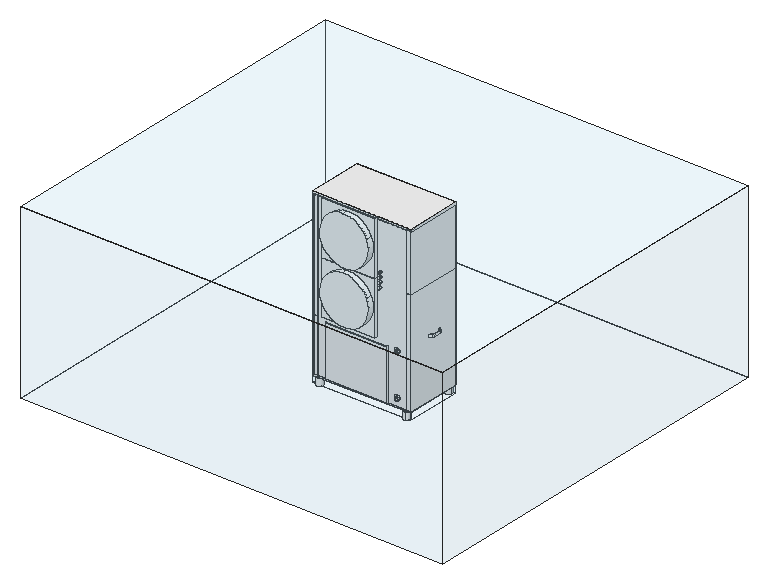
Revit family "VITOCAL 200-A PRO AWO-AC 201 A032 EN", category Mechanical Equipment, Revit 2021
Family settings
  Round Connector Dimension = Use Diameter
  Part Type = Normal
  OmniClass Number = 23.75.10.21.17
  OmniClass Title = Water-Source Heat Pumps
  Work Plane-Based = No
  Always vertical = Yes
  Cut with Voids When Loaded = No
  Shared = No
  Room Calculation Point = No
Parameters (values of type "Vitocal 200-A Pro AWO-AC 201.A032")
  Heating water. Nominal volumetric flow = "4840 l/h"
  Medium temperature application (W55). Rated heating power P-rated (kWt) = 27
  Medium temperature application (W55). Seasonal efficiency rating (SCOP) = 3.17
  Medium temperature application (W55). MT Energy efficiency ηS  (%) = 124
  Low temperature application (W35). Rated heating power / P-rated (kWt) = 25
  Width (overall) = 1260.00 mm
  Ventilator. Internal security = "B10A"
  Low temperature application (W35). Seasonal efficiency rating (SCOP) = 4.24
  Height (overall) = 2115.00 mm
  Art of electrical protection = "IPX4"
  Hydraulic connections. Heating water supply and return (external thread) = "G 1½"
  Heat intake from outside air. Nominal volumetric air flow (m3/h) = "6700 m3/h"
  Heat intake from outside air. Minimal inlet air temperature = "–20 °C"
  Heat intake from outside air. Maximal electrical power of fan(s) = "2 x 500 W"
  Heat intake from outside air. Maximal inlet air temperature = "35 °C"
  Heat intake from outside air. Amount of condensation water at 87% humidity = "15"
  Heating water. Water capacity of device = "6.5 l"
  Heating water. Flow Resistances of nominal volumetric flow = "14.1 kPa"
  Heating water. Flow Resistances of minimum volumetric flow = "2.6 kPa"
  Sound power level (dBA) = "69.7 dB(A)"
  Refrigeration circuit. Compressor = "Scroll"
  Refrigeration circuit. Type of oil in the compressor = "Idemitsu FV68S"
  Refrigeration circuit. Amount of oil in the compressor(s) = "2.8"
  Refrigeration circuit. Refrigerant quantity in the device = 14.00 kg
  Refrigeration circuit. CO2 equivalent = "24.8 t"
  Refrigeration circuit. Refrigerant medium = "R407C"
  Refrigeration circuit. Safety fittings = "A1"
  Refrigeration circuit. Global Warming Potential (GWP) = "1774"
  Ventilator. Rated voltage (v) = "1/N/PE 230 V/50 Hz"
  Electric power (kWe) for oilsump heating = 90 W
  Heating water. Minimum volumetric flow (by 1 compressor running) = "1100 l/h"
  Heating water. Minimal return temperature (Inlet to device) = "20 °C"
  Heating water. Maximal supply temperature (Outlet from device) = "65 °C"
  Compressor. Max. cross-section of electrical connecting cables (mm2) = "16 mm2"
  Nominal cooling power (kWt) = 35.0 kW
  Nominal heating power (kWt) = 28.1 kW
  Compressor. Required security of electrical connection = "3 x C32A Kombi"
  URL = "https://www.viessmann.pl/"
  Required service area for the staff [instance] = yes
  COP factor of efficiency (heating mode) = 3.9
  Compressor. Compressor inrush current (A) = "96.0 A"
  Electrical Power consumption (kWe) = 7.2 kW
  Compressor. Rated voltage (v) = "3/N/PE 400 V/50 Hz"
  Total weight (basic unit without options) = 460.00 kg
  Manufacturer = "Viessmann Sp. z o.o."
  Compressor. Maximal operating current (A) = 26.7 A
  Compressor. Maximal power consumption of the compressor (for parameters A2/W35, including fans) (kWe) = 7.3 kW
  Ventilator. Maximal electrical power consumption per 1 fan (kWe) = 500 W
  Low temperature application (W35). LT Energy efficiency ηS (%) = 167
  Length (overall) = 775.00 mm
  Information = "Measurement of total sound power level based on standard EN ISO 12102/EN ISO 9614."
  EER factor (cooling mode) = 4.2
  Maximum operating pressure (water side) = "6 bar"
  Description = "The Vitocal 200-A PRO heat pump extracts heat energy from the outside air and uses it for heating water in the heating circuit or domestic hot water circuit or in cooling mode - extracts heat from the building and releases it to the outside air.\r\nThanks to the air heater (evaporator) thermal energy, coming from the outside air constantly sucked in by the fan, is returned to the working medium (refrigerant - freon R407c). In the process, the refrigerant evaporates, with the help of an electrically driven compressor the temperature of the gaseous refrigerant is increased. In the so-called condenser, the refrigerant (R407c) is condensed again and can be fed back into the evaporator through the expansion valve.\r\nAfter evaporation and condensation, the heat energy from the refrigerant through condensation in the heat exchanger is transferred to the heating or cooling medium (water or glycol), and then to the buffer tank (not included in the scope of delivery) and then to the heating/or cooling system in building.\r\nWarning : \r\n- At low ambient temperatures, moisture accumulates in the evaporator as frost, which adversely affects the heat transfer. If necessary, the evaporator is automatically defrosted by the heat pump. Depending on the weather conditions, steam may be generated in the air outlet. Depending on the regional conditions, it is necessary to optimized unit during operation.\r\n- To ensure sound insulation, the unit must be connected via flexible hydraulic pipe connections."
  Model = "Air-to-water heat pumps with electic compressor, outdoor instalation, for space heating and domestic hot water heating in small and medium-sized commercial buildings: \r\n- Up to +65°C supply water temperature, \r\n- Depending on the type, with 1, 2 or 4 compressors, \r\n- With weather-controlled heating controller and graphical control module for wall mounting."
  Default Elevation = 0.00 mm
  Compressor. Cosine of electric current φ = 0.8
  Author = "www.archispace.pl"
  Art of color = Viessmann color 1
Reference planes
  plane 1 "Środek (Przód/Tył)": y = -30
  plane 2: z = 0
  plane 3 "Środek (Lewa/Prawa)": x = 0
  plane 4: y = 319.5
  plane 5: y = -379.5
  plane 6: x = -606
  plane 7: x = 606
  plane 8: y = -458.583
  plane 9: x = 654.477
  plane 10: z = 2114.5
  plane 11: z = 81
Forms (mm)
  Extrusion 1, solid, material "Viessmann color 1" <- "Art of color", detail levels coarse
    sketch origin (0, 0, 0) x (1, 0, 0) y (0, 1, 0)
      loop
        line (-606, 319.5) -> (-606, -458.583) -> (654.477, -458.583) -> (654.477, 319.5) -> (-606, 319.5)
    from 0 to 2114.5
  Extrusion 2, solid, material "Viessmann color 1" <- "Art of color", detail levels medium+fine
    sketch origin (0, 0, 0) x (0, 1, 0) y (0, 0, 1)
      loop
        line (-370.001, 102) -> (309.999, 102) -> (309.999, 2088.5) -> (-370.001, 2088.5) -> (-370.001, 102)
    from -591.755 to 598.245
  Extrusion 3, solid, material "Viessmann color 1" <- "Art of color", detail levels medium+fine
    sketch origin (0, 0, 0) x (0, 1, 0) y (0, 0, 1)
      loop
        line (-370.001, 2088.5) -> (309.999, 2088.5) -> (309.999, 2114.5) -> (-370.001, 2114.5) -> (-370.001, 2088.5)
    from -606 to 606
  Extrusion 4, solid, material "Viessmann color 1" <- "Art of color", detail levels medium+fine
    sketch origin (0, 0, 0) x (1, 0, 0) y (0, 1, 0)
      loop
        line (-599.665, 314.001) -> (-599.665, -374.001) -> (-548.499, -374.001) -> (-548.499, -372.001) -> (-597.665, -372.001) -> (-597.665, 312.001) -> (-548.499, 312.001) -> (-548.499, 314.001) -> (-599.665, 314.001)
    from 102 to 752
  Extrusion 5, solid, material "Viessmann color 1" <- "Art of color", detail levels medium+fine
    sketch origin (0, 0, 0) x (1, 0, 0) y (0, 1, 0)
      loop
        line (-599.665, 314.001) -> (-599.665, -374.001) -> (-548.499, -374.001) -> (-548.499, -372.001) -> (-597.665, -372.001) -> (-597.665, 312.001) -> (-548.499, 312.001) -> (-548.499, 314.001) -> (-599.665, 314.001)
    from 755 to 2088.5
  Extrusion 6, solid, material "Viessmann color 1" <- "Art of color", detail levels medium+fine
    sketch origin (0, 0, 0) x (1, 0, 0) y (0, 1, 0)
      loop
        line (605.495, 314.001) -> (554.329, 314.001) -> (554.329, 312.001) -> (603.495, 312.001) -> (603.495, -372.001) -> (554.329, -372.001) -> (554.329, -374.001) -> (605.495, -374.001) -> (605.495, 314.001)
    from 1393 to 2088.5
  Extrusion 7, solid, material "Viessmann color 1" <- "Art of color", detail levels medium+fine
    sketch origin (0, 0, 0) x (1, 0, 0) y (0, 1, 0)
      loop
        line (605.495, 314.001) -> (554.329, 314.001) -> (554.329, 312.001) -> (603.495, 312.001) -> (603.495, -372.001) -> (554.329, -372.001) -> (554.329, -374.001) -> (605.495, -374.001) -> (605.495, 314.001)
    from 102 to 1390
  Extrusion 8, solid, material "Viessmann color 1" <- "Art of color", detail levels medium+fine
    sketch origin (-557.926, -1377, 1200) x (-1, 0, 0) y (0, 0, 1)
      loop
        line (-77.758, 230.5) -> (-733.757, 230.5) -> (-733.757, -425.5) -> (-77.758, -425.5) -> (-77.758, 230.5)
    from 986.688 to 1005
  Extrusion 9, solid, material "Viessmann color 1" <- "Art of color", detail levels medium+fine
    sketch origin (-557.926, -1377, 1200) x (-1, 0, 0) y (0, 0, 1)
      loop
        line (-77.758, 887.5) -> (-733.757, 887.5) -> (-733.757, 231.5) -> (-77.758, 231.5) -> (-77.758, 887.5)
    from 986.688 to 1005
  Extrusion 10, solid, material "Viessmann color 1" <- "Art of color", detail levels medium+fine
    sketch origin (-557.926, -1377, 1200) x (-1, 0, 0) y (0, 0, 1)
      loop
        arc (-106.308, 565.049) -> (-191.232, 768.565) -> (-392.42, 858.865) r 299.669
        arc (-392.42, 858.865) -> (-567.284, 812.018) -> (-683.263, 673.017) r 299.669
        arc (-683.263, 673.017) -> (-687.801, 457.774) -> (-546.852, 295.035) r 299.669
        arc (-546.852, 295.035) -> (-249.329, 304.002) -> (-106.308, 565.049) r 299.669
      loop
        arc (-106.308, -91.951) -> (-191.232, 111.565) -> (-392.42, 201.865) r 299.669
        arc (-392.42, 201.865) -> (-567.284, 155.018) -> (-683.263, 16.017) r 299.669
        arc (-683.263, 16.017) -> (-687.801, -199.226) -> (-546.852, -361.965) r 299.669
        arc (-546.852, -361.965) -> (-249.329, -352.998) -> (-106.308, -91.951) r 299.669
    from 918.417 to 986.688
  Extrusion 11, solid, material "Viessmann color 1" <- "Art of color", detail levels medium+fine
    sketch origin (0, 0, 0) x (0, 1, 0) y (0, 0, 1)
      loop
        line (-370.001, 81) -> (309.999, 81) -> (309.999, 102) -> (-370.001, 102) -> (-370.001, 81)
    from -591.755 to 598.245
  Extrusion 12, solid, material "Viessmann color 1" <- "Art of color", detail levels medium+fine
    sketch origin (-557.926, -1377, 1200) x (-1, 0, 0) y (0, 0, 1)
      loop
        line (-114.511, -478) -> (-871.009, -478) -> (-871.009, -1098) -> (-114.511, -1098) -> (-114.511, -478)
    from 1001 to 1005
  Extrusion 13, solid, material "Viessmann color 1" <- "Art of color", detail levels medium+fine
    sketch origin (0, 0, 0) x (1, 0, 0) y (0, 1, 0)
      loop
        arc (-565.809, 314.532) -> (-538.213, 254.797) -> (-495.777, 305.085) r 39
        arc (-495.777, 305.085) -> (-509.901, 324.871) -> (-533, 332.447) r 39
        arc (-533, 332.447) -> (-551.691, 327.677) -> (-565.809, 314.532) r 39
      loop
        arc (-553.126, -389.959) -> (-495.425, -366.997) -> (-533, -317.553) r 39
        arc (-533, -317.553) -> (-570.575, -346.108) -> (-553.126, -389.959) r 39
      loop
        arc (556.17, -390.516) -> (574.72, -346.642) -> (537, -317.553) r 39
        arc (537, -317.553) -> (499.28, -366.463) -> (556.17, -390.516) r 39
      loop
        circle (537, 293.447) r 39
    from 0 to 81
  Extrusion 14, void
    sketch origin (-557.926, -1377, 1200) x (-1, 0, 0) y (0, 0, 1)
      loop
        circle (-993.421, -1006) r 40
      loop
        circle (-993.421, -487) r 40
    from 1006.999 to 1126.999
  Extrusion 15, solid, material "Viessmann color 1" <- "Art of color", detail levels medium+fine
    sketch origin (-557.926, -1377, 1200) x (-1, 0, 0) y (0, 0, 1)
      loop
        circle (-993.421, -487) r 19
      loop
        circle (-993.421, -1006) r 19
      loop
        circle (-993.421, -487) r 16
      loop
        circle (-993.421, -1006) r 16
    from 985.999 to 1126.999
  Sweep 16, solid, material "Viessmann color 1" <- "Art of color", detail levels medium+fine
    path origin (0, 0, 0) x (0, 1, 0) y (0, 0, 1)
      loop
        line (-30, 817.5) -> (-30, 843.5)
    profile origin (0, -30, 830.5) x (0, -1, 0) y (1, 0, 0)
      loop
        line (83.5, 606) -> (83.5, 615.477) -> (64.185, 643.622)
        arc (64.185, 643.622) -> (55.22, 651.597) -> (43.572, 654.477) r 25
        line (43.572, 654.477) -> (-46.572, 654.477)
        arc (-46.572, 654.477) -> (-58.22, 651.597) -> (-67.185, 643.622) r 25
        line (-67.185, 643.622) -> (-86.5, 615.477) -> (-86.5, 606) -> (-61.5, 606) -> (-61.5, 620.477)
        arc (-61.5, 620.477) -> (-54.178, 638.154) -> (-36.5, 645.477) r 25
        line (-36.5, 645.477) -> (32.368, 645.477)
        arc (32.368, 645.477) -> (50.046, 638.154) -> (57.368, 620.477) r 25
        line (57.368, 620.477) -> (57.368, 606) -> (83.5, 606)
  Extrusion 17, solid, material "Viessmann color 1" <- "Art of color", detail levels medium+fine
    sketch origin (-557.926, -1377, 1200) x (-1, 0, 0) y (0, 0, 1)
      loop
        circle (-784.418, 311) r 12.089
      loop
        circle (-784.418, 255) r 12.089
      loop
        circle (-784.418, 199) r 12.089
      loop
        circle (-784.418, 141.711) r 12.089
    from 982.006 to 1005
  Extrusion 18, void
    sketch origin (0, -30, 0) x (1, 0, 0) y (0, 0, 1)
      loop
        line (312.833, 722) -> (-443.665, 722) -> (-443.665, 102) -> (-442.666, 102) -> (-442.666, 721) -> (311.836, 721) -> (311.836, 102) -> (312.833, 102) -> (312.833, 722)
    from -349.5 to -309.591
  Extrusion 19, solid, material "Viessmann service area", visible <- "Required service area for the staff"
    sketch origin (4373.089, 163.011, 0) x (1, 0, 0) y (0, 1, 0)
      loop
        line (-1767.089, -2542.511) -> (-1767.089, 2156.489) -> (-6979.089, 2156.489) -> (-6979.089, -2542.511) -> (-1767.089, -2542.511)
      loop
        line (-4979.089, -542.511) -> (-3767.089, -542.511) -> (-3767.089, 156.489) -> (-4979.089, 156.489) -> (-4979.089, -542.511)
    from 0 to 2114.5
  Extrusion 20, void
    sketch origin (0, 0, 0) x (1, 0, 0) y (0, 1, 0)
      loop
        line (377.665, -103) -> (557.665, -103) -> (557.665, -45) -> (377.665, -45) -> (377.665, -103)
    from 81 to 102
Cuts and joins
  Extrusion 14, Extrusion 18 cuts Extrusion 2
  Extrusion 20 cuts Extrusion 11
Lines and regions (mm)
  model lines
    curve 1: line (294.496, 309.999, 828) -> (294.496, 309.999, 2077)
    curve 2: line (294.496, 309.999, 2077) -> (-548.499, 309.999, 2077)
    curve 3: line (-548.499, 309.999, 828) -> (-548.499, 309.999, 2077)
    curve 4: line (-548.499, 309.999, 828) -> (294.496, 309.999, 828)
Dimensions and locks
  plane 6 to plane 3 "Środek (Lewa/Prawa)" to plane 7 = 606.00 mm, 606.00 mm
  plane 4 to plane 1 "Środek (Przód/Tył)" to plane 5 = 349.50 mm, 349.50 mm
  aligned and locked: level to plane 2
  aligned and locked: Extrusion 1 sketch curve to plane 6
  aligned and locked: Extrusion 1 sketch curve to plane 4
  aligned and locked: plane 9 to Extrusion 1 sketch curve
  aligned and locked: plane 8 to Extrusion 1 sketch curve
  aligned and locked: Extrusion 1 to plane 10
Connectors
  piping at (435.495, -391.001, 713), diameter 38
    settings: on Extrusion 15, index 7, connector inside diameter 609.6 mm, connector length 0.00 mm, flow factor 0, pipe flow 0.0 m³/h, pressure drop 0.0 kPa, fitting loss kfactor 0, connector angle 0.00°, fixture units 0, engagement length 0.00 mm, angle of deflection 0.00°, flow configuration 0, flow direction 0, fitting loss method 0, system type 7, joint type 0, gender type 0, connector reference index -1, connector utility 0, adjustable connector no, is connector primary yes, connector description ""
  piping at (435.495, -391.001, 194), diameter 38
    settings: on Extrusion 15, index 8, connector inside diameter 609.6 mm, connector length 0.00 mm, flow factor 0, pipe flow 0.0 m³/h, pressure drop 0.0 kPa, fitting loss kfactor 0, connector angle 0.00°, fixture units 0, engagement length 0.00 mm, angle of deflection 0.00°, flow configuration 0, flow direction 0, fitting loss method 0, system type 8, joint type 0, gender type 0, connector reference index -1, connector utility 0, adjustable connector no, is connector primary no, connector description ""
  electrical at (467.665, -74, 81), driven by "Electrical Power consumption (kWe)"
    settings: on cut or joined group of Extrusion 11, Extrusion 20, index 9, voltage 0 V, apparent load 7200 W, apparent load phase1 0 W, apparent load phase2 0 W, apparent load phase3 0 W, power factor 1, load classification "Power", number of poles 1, system type 30, power factor state 1, is connector primary yes, connector utility no, sub classification motor no, connector description ""
